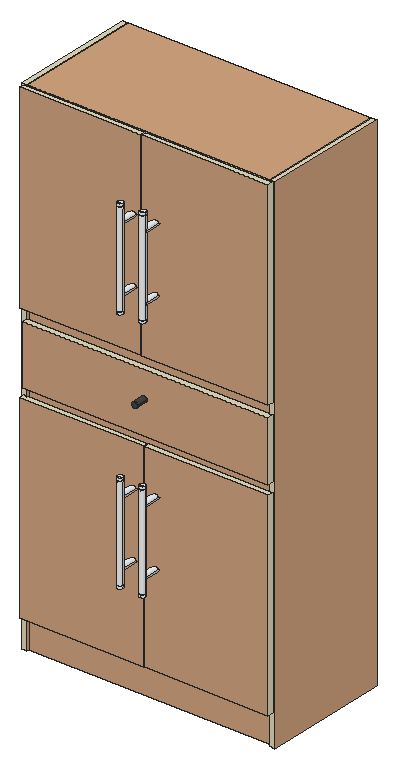
Revit family "estante_5156", category Мебель, Revit 2016
Family settings
  На основе рабочей плоскости = Нет
  Всегда вертикально = Да
  При загрузке вырезать с полостями = Нет
  Общий = Нет
  Точка расчета площади = Нет
Parameters (values of type "900mm x 450mm")
  Profondeur = 0.45 m
  Assembly Code = ""
  Chants = Bois - Mélaminé beige
  Panneaux = Bois - Mélaminé brun
  Largeur = 0.9 m
  Hauteur = 1.8 m
Reference planes (m)
  plane 1: z = 0
Forms (m)
  Extrusion 1, solid, material "Bois - Mélaminé brun"
    sketch origin (0, 0, 0) x (1, 0, 0) y (0, 1, 0)
      loop
        line (-0.35, -0.175) -> (-0.331, -0.175) -> (-0.331, 0.275) -> (-0.35, 0.275) -> (-0.35, -0.175)
      loop
        line (0.531, 0.275) -> (0.531, -0.175) -> (0.55, -0.175) -> (0.55, 0.275) -> (0.531, 0.275)
    from 0 to 1.8
  Extrusion 2, solid, material "Bois - Mélaminé brun" <- "Panneaux"
    sketch origin (0, 0, 0) x (1, 0, 0) y (0, 1, 0)
      loop
        line (-0.331, -0.165) -> (0.531, -0.165) -> (0.531, -0.146) -> (-0.331, -0.146) -> (-0.331, -0.165)
    from 0 to 0.1
  Extrusion 3, solid, material "Bois - Mélaminé brun" <- "Panneaux"
    sketch origin (0, 0, 0) x (1, 0, 0) y (0, 1, 0)
      loop
        line (-0.331, 0.265) -> (0.531, 0.265) -> (0.531, 0.275) -> (-0.331, 0.275) -> (-0.331, 0.265)
    from 0 to 1.781
  Extrusion 4, solid, material "Bois - Mélaminé brun" <- "Panneaux"
    sketch origin (0, 0, 1.8) x (0, -1, 0) y (1, 0, 0)
      loop
        line (-0.275, -0.331) -> (0.175, -0.331) -> (0.175, 0.531) -> (-0.275, 0.531) -> (-0.275, -0.331)
    from 0 to -0.019
  Extrusion 5, solid, material "Bois - Mélaminé brun" <- "Panneaux"
    sketch origin (0, -0.175, 0) x (1, 0, 0) y (0, 0, 1)
      loop
        line (-0.34, 0.81) -> (-0.34, 0.109) -> (0.098, 0.109) -> (0.098, 0.81) -> (-0.34, 0.81)
      loop
        line (0.54, 0.81) -> (0.102, 0.81) -> (0.102, 0.109) -> (0.54, 0.109) -> (0.54, 0.81)
    from 0 to 0.019
  Extrusion 6, solid, material "Bois - Mélaminé brun" <- "Panneaux"
    sketch origin (-0.009, -0.175, 0.986667) x (1, 0, 0) y (0, 0, 1)
      loop
        line (-0.330708, 0.81) -> (-0.330708, 0.109) -> (0.098, 0.109) -> (0.098, 0.81) -> (-0.330708, 0.81)
      loop
        line (0.54916, 0.81) -> (0.102, 0.81) -> (0.102, 0.109) -> (0.54916, 0.109) -> (0.54916, 0.81)
    from 0 to 0.019
  Extrusion 7, solid, material "Bois - Mélaminé brun"
    sketch origin (0, 0, 1.8) x (0, -1, 0) y (1, 0, 0)
      loop
        line (0.165, -0.34) -> (0.165, 0.54) -> (0.146, 0.54) -> (0.146, -0.34) -> (0.165, -0.34)
    from -1.06 to -0.666667
  Extrusion 8, solid, material "Bois - Mélaminé brun" <- "Panneaux"
    sketch origin (0.000062, -0.175, 0.734167) x (1, 0, 0) y (0, 0, 1)
      loop
        line (-0.330708, 0.3215) -> (-0.330708, 0.109) -> (0.539938, 0.109) -> (0.539938, 0.3215) -> (-0.330708, 0.3215)
    from 0 to 0.019
  Extrusion 9, solid, material "Plastique - Noir"
    sketch origin (0, -0.175, 0.22) x (1, 0, 0) y (0, 0, 1)
      loop
        circle (0.1, 0.74) r 0.01
    from 0.019 to 0.06
Dimensions and locks (m)
  locked: Extrusion 2 sketch curve to Extrusion 2 sketch curve at 0.019
  locked: Extrusion 3 sketch curve to Extrusion 3 sketch curve at 0.01
  aligned and locked: Extrusion 3 to Extrusion 4
Nested families (m)
  nested 1: "Handle (4)" at (0.06, -0.184625, 1.42) x (-1, 0, 0) z (0, 0, 1), type "Handle (4)"
  nested 2: "Handle (4)" at (0.14, -0.184625, 1.42) x (-1, 0, 0) z (0, 0, 1), type "Handle (4)"
  nested 3: "Handle (4)" at (0.0595, -0.184625, 0.548438) x (-1, 0, 0) z (0, 0, 1), type "Handle (4)"
  nested 4: "Handle (4)" at (0.1395, -0.184625, 0.548438) x (-1, 0, 0) z (0, 0, 1), type "Handle (4)"
Definition of nested family "Handle (4)"
  Parameters
    Material Ironmongery = none
    Handle/Panel Offset = 0.065 m
    Handle Z Distance = 0 m
    Handle X Distance = 0.075 m
    Handle Radius = 0.01 m
    Handle Length = 0.35 m
    Handle Spindle Offset = 0.06 m
  Reference planes (m)
    plane 1 "Center (Front/Back)": y = 0
    plane 2: z = 0
    plane 3 "C/L Handel": x = 0
    plane 4: z = 0
    plane 5: z = 0.175
    plane 6: z = -0.175
    plane 7: z = 0.115
    plane 8: z = -0.115
    plane 9 "Center (Left/Right)": x = -0.075
    plane 10: y = 0.065
  Forms (m)
    Extrusion 1, solid, material <- "Material Ironmongery"
      sketch origin (0, 0, 0) x (1, 0, 0) y (0, 0, 1)
        loop
          circle (0, 0.115) r 0.01
        loop
          circle (0, -0.115) r 0.01
      from 0 to -0.065
    Revolve 2, solid, material <- "Material Ironmongery"
      sketch origin (0, 0.065, 0) x (1, 0, 0) y (0, 0, 1)
        loop
          line (0, 0.175) -> (-0.01, 0.175) -> (-0.01, 0.169) -> (-0.008032, 0.169) -> (-0.008032, 0.164765) -> (-0.01, 0.164765) -> (-0.01, -0.164765) -> (-0.008032, -0.164765) -> (-0.008032, -0.169) -> (-0.01, -0.169) -> (-0.01, -0.175) -> (0, -0.175) -> (0, 0.175)
        axis (0, -0.175) -> (0, 0.175)
      angle from 0 to 360
  Dimensions and locks (m)
    "Handle Z Distance": plane 4 to level
    equal spacing: plane 5, plane 4, plane 6
    "Handle Length": plane 5 to plane 6
    "Handle Spindle Offset": plane 5 to plane 7
    "Handle Spindle Offset": plane 8 to plane 6
    "Handle X Distance": plane 9 "Center (Left/Right)" to plane 3 "C/L Handel"
    "Handle/Panel Offset": plane 10 to plane 1 "Center (Front/Back)"
    "Handle Radius": plane 3 "C/L Handel" to Revolve 2 sketch curve
    "Handle Radius": radius of Extrusion 1 sketch curve  (x2)
    aligned and locked: plane 10 to Extrusion 1
    aligned and locked: Extrusion 1 to plane 1 "Center (Front/Back)"
  Automatic sketch dimensions
    Extrusion 1 sketch curve to plane 3 "C/L Handel" = 0 m  (x2)
    Extrusion 1 sketch curve to plane 8 = 0 m
    Extrusion 1 sketch curve to plane 7 = 0 m
    Revolve 2 sketch curve to plane 6 = 0 m
    Revolve 2 sketch curve to plane 3 "C/L Handel" = 0 m  (x2)
    Revolve 2 sketch curve to plane 5 = 0 m
    Revolve 2 sketch curve to Revolve 2 sketch curve = 0 m  (x2)
    Revolve 2 sketch curve to Revolve 2 sketch curve = 0.001968 m  (x2)
    plane 6 to Revolve 2 sketch curve = 0.025 m
    Revolve 2 sketch curve to plane 6 = 0.006 m
    Revolve 2 sketch curve to Revolve 2 sketch curve = 0.004235 m  (x2)
    Revolve 2 sketch curve to Revolve 2 sketch curve = 0.010235 m
    Revolve 2 sketch curve to plane 5 = 0.045 m
